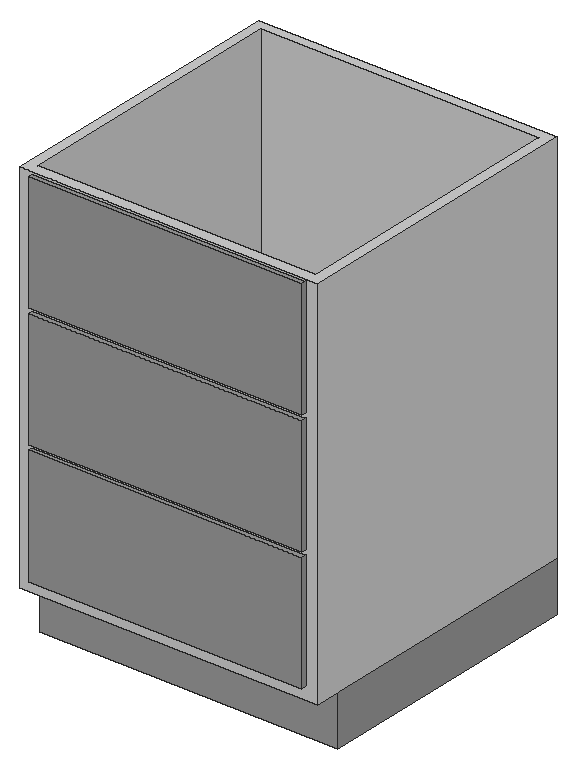
Revit family "Gabinete 3D1_Tipo A", category Componentes de gabinete, Revit 2015
Parameters (values of type "60 x 60 x 90h")
  Linear = 60 cm
  Espessura do tampo = 4 cm
  Espessura = 2 cm
  Base - Altura = 10 cm
  Altura = 90 cm
  Width = 60 cm
Reference planes (cm)
  plane 1 "Posterior": y = 0
  plane 2: z = 0
  plane 3 "Centro (Esquerda/Direita)": x = 4.47
  plane 4 "Frente": y = -60
  plane 5 "Esquerda": x = -25.53
  plane 6 "Direita": x = 34.47
  plane 7 "Superior": z = 90
  plane 8: y = -55
  plane 9: y = -2
  plane 10: x = -23.53
  plane 11: y = -53
  plane 12: y = -58
  plane 13: x = 32.47
  plane 14: x = 5.47
  plane 15: x = 3.47
  plane 16: z = 86
  plane 17: z = 10
  plane 18: z = 12
  plane 19: z = 36.6667
  plane 20: z = 61.3333
  plane 21: z = 73.6667
  plane 22: z = 82
  plane 23: z = 69.6667
  plane 24: z = 57.3333
  plane 25: z = 32.6667
  plane 26: y = -61
Forms (cm)
  Extrusion 1, solid, material "Base do gabinete"
    sketch origin (0, 0, 0) x (1, 0, 0) y (0, 1, 0)
      loop
        line (-25.53, 0) -> (-25.53, -55) -> (34.47, -55) -> (34.47, 0) -> (-25.53, 0)
      loop
        line (-23.53, -2) -> (-23.53, -53) -> (32.47, -53) -> (32.47, -2) -> (-23.53, -2)
    from 0 to 10
  Extrusion 2, solid, material "Gabinete"
    sketch origin (0, 0, 0) x (1, 0, 0) y (0, 1, 0)
      loop
        line (-25.53, 0) -> (-25.53, -60) -> (34.47, -60) -> (34.47, 0) -> (-25.53, 0)
      loop
        line (-23.53, -58) -> (32.47, -58) -> (32.47, -2) -> (-23.53, -2) -> (-23.53, -58)
    from 10 to 86
  Extrusion 3, solid, material "Gabinete"
    sketch origin (0, 0, 0) x (1, 0, 0) y (0, 1, 0)
      loop
        line (-23.53, -53) -> (-23.53, -58) -> (32.47, -58) -> (32.47, -53) -> (-23.53, -53)
    from 10 to 12
  Extrusion 4, solid, material "Gavetas gabinete"
    sketch origin (0, -60, 0) x (1, 0, 0) y (0, 0, 1)
      loop
        line (-23.03, 36.1667) -> (-23.03, 12.5) -> (31.97, 12.5) -> (31.97, 36.1667) -> (-23.03, 36.1667)
    from 0 to 1
  Extrusion 5, solid, material "Gavetas gabinete"
    sketch origin (0, -60, 24.6667) x (1, 0, 0) y (0, 0, 1)
      loop
        line (-23.03, 36.1667) -> (-23.03, 12.5) -> (31.97, 12.5) -> (31.97, 36.1667) -> (-23.03, 36.1667)
    from 0 to 1
  Extrusion 6, solid, material "Gavetas gabinete"
    sketch origin (0, -60, 49.3333) x (1, 0, 0) y (0, 0, 1)
      loop
        line (-23.03, 36.1667) -> (-23.03, 12.5) -> (31.97, 12.5) -> (31.97, 36.1667) -> (-23.03, 36.1667)
    from 0 to 1
Cuts and joins
  joined: Extrusion 2, Extrusion 3
Dimensions and locks (cm)
  "Width": plane 6 "Direita" to plane 5 "Esquerda"
  equal spacing: plane 6 "Direita", plane 3 "Centro (Esquerda/Direita)", plane 5 "Esquerda"
  "Linear": plane 4 "Frente" to plane 1 "Posterior"
  "Altura": level to plane 7 "Superior"
  "Espessura": plane 5 "Esquerda" to plane 10
  "Espessura": plane 13 to plane 6 "Direita"
  "Espessura": plane 9 to plane 1 "Posterior"
  "Espessura": plane 8 to plane 11
  "Espessura": plane 4 "Frente" to plane 12
  equal spacing: plane 15, plane 3 "Centro (Esquerda/Direita)", plane 14
  "Espessura": plane 15 to plane 14
  "Espessura do tampo": plane 7 "Superior" to plane 16
  "Base - Altura": plane 17 to level
  "Espessura": plane 18 to plane 17
  equal spacing: plane 16, plane 20, plane 19, plane 18
  equal spacing: plane 16, plane 21, plane 20
  plane 16 to plane 22 = 4 cm
  plane 21 to plane 23 = 4 cm
  plane 20 to plane 24 = 4 cm
  plane 19 to plane 25 = 4 cm
  locked: plane 4 "Frente" to plane 8 at 5
  plane 4 "Frente" to plane 26 = 1 cm
  aligned and locked: level to plane 2
  aligned and locked: plane 12 to Extrusion 2 sketch curve
  aligned and locked: Extrusion 2 sketch curve to plane 10
  aligned and locked: Extrusion 2 sketch curve to Extrusion 1
  aligned and locked: plane 13 to Extrusion 2 sketch curve
  aligned and locked: Extrusion 2 to plane 17
  aligned and locked: plane 17 to Extrusion 1
  aligned and locked: Extrusion 2 to plane 16
  aligned and locked: Extrusion 3 to plane 17
  aligned and locked: plane 18 to Extrusion 3
  aligned and locked: Extrusion 1 to level
  aligned and locked: Extrusion 6 to plane 4 "Frente"
  aligned and locked: Extrusion 5 to plane 4 "Frente"
  aligned and locked: Extrusion 4 to plane 4 "Frente"
  aligned and locked: plane 26 to Extrusion 6
  aligned and locked: plane 26 to Extrusion 5
  aligned and locked: plane 26 to Extrusion 4
Automatic sketch dimensions
  plane 1 "Posterior" to Extrusion 1 sketch curve = 0 cm
  Extrusion 1 sketch curve to plane 5 "Esquerda" = 0 cm
  plane 9 to Extrusion 1 sketch curve = 0 cm
  Extrusion 1 sketch curve to plane 10 = 0 cm
  Extrusion 1 sketch curve to plane 13 = 0 cm
  Extrusion 1 sketch curve to plane 6 "Direita" = 0 cm
  plane 8 to Extrusion 1 sketch curve = 0 cm
  plane 11 to Extrusion 1 sketch curve = 0 cm
  plane 4 "Frente" to Extrusion 2 sketch curve = 0 cm
  Extrusion 2 sketch curve to plane 5 "Esquerda" = 0 cm
  plane 1 "Posterior" to Extrusion 2 sketch curve = 0 cm
  Extrusion 2 sketch curve to plane 6 "Direita" = 0 cm
  Extrusion 3 sketch curve to plane 10 = 0 cm
  plane 12 to Extrusion 3 sketch curve = 0 cm
  Extrusion 3 sketch curve to plane 13 = 0 cm
  plane 11 to Extrusion 3 sketch curve = 0 cm
  plane 10 to Extrusion 4 sketch curve = 0.5 cm
  Extrusion 4 sketch curve to plane 13 = 0.5 cm
  plane 18 to Extrusion 4 sketch curve = 0.5 cm
  Extrusion 4 sketch curve to plane 19 = 0.5 cm
  plane 10 to Extrusion 5 sketch curve = 0.5 cm
  Extrusion 5 sketch curve to plane 13 = 0.5 cm
  plane 19 to Extrusion 5 sketch curve = 0.5 cm
  Extrusion 5 sketch curve to plane 20 = 0.5 cm
  plane 10 to Extrusion 6 sketch curve = 0.5 cm
  Extrusion 6 sketch curve to plane 13 = 0.5 cm
  plane 20 to Extrusion 6 sketch curve = 0.5 cm
  plane 16 to Extrusion 6 sketch curve = 0.5 cm
